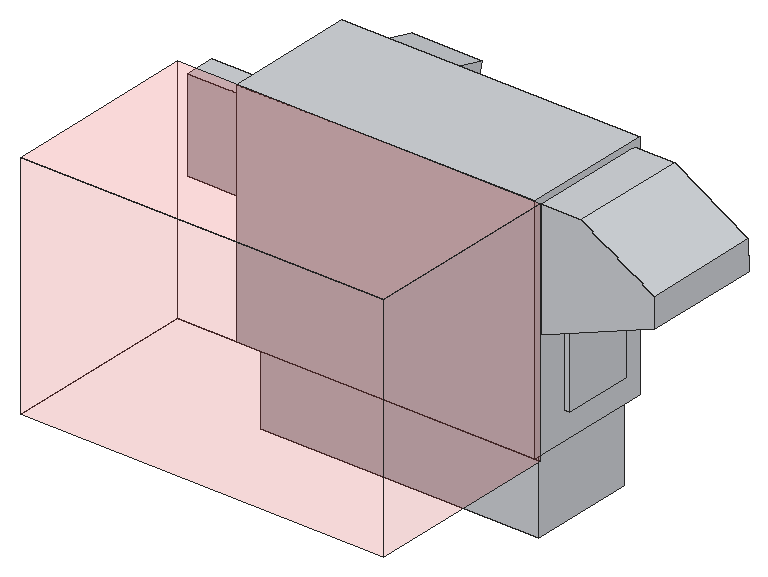
Revit family
Parameters (values of type "230 V Three Phase")
  Weight Scheduled [instance] = 250  # constant formula
  Voltage Workaround = Voltage / 1 V  # 230
  Voltage Scheduled = Voltage  # 230 V
  Voltage = 230 V
  VoltAmps Workaround [instance] = Voltage Workaround * Total FLA * sqrt(Phase)  # 1832.5098
  VoltAmps [instance] = VoltAmps Workaround * 1 VA  # 1832.51 VA
  URL = "http://www.renewaire.com/_assets/files/SubmittalForms/HE1XRTSubmittal.pdf"
  Total FLA [instance] = if(or(Supply Motor BHP = 0, Exhaust Motor FLA = 0), 0, (Supply Motor FLA * Supply Motor Count) + (Exhaust Motor FLA * Exhaust Motor Count))  # 4.6
  Supply Motor RPM Scheduled [instance] = 0
  Supply Motor HP Scheduled [instance] = Supply Motor HP  # 0.75
  Supply Motor HP [instance] = 0.75  # constant formula
  Supply Motor FLA [instance] = if(Supply Motor BHP = 0, 0, if(and(Voltage = 115 V, Phase = 1), 9, if(and(or(Voltage = 208 V, Voltage = 230 V), Phase = 1), 4.5, if(and(Voltage = 277 V, Phase = 1), 3.9, if(and(or(Voltage = 208 V, Voltage = 230 V), Phase = 3), 2.3, if(and(Voltage = 460 V, Phase = 3), 1.15, 0))))))  # 2.3
  Supply Motor Count Scheduled [instance] = Supply Motor Count  # 1
  Supply Motor Count [instance] = 1  # constant formula
  Supply Motor BHP [instance] = if(and(or(Supply ESP = 0, Supply ESP > 0), Supply ESP < 0.5), if(and(Supply Motor HP = 0.75, Phase = 1), if(Supply CFM < 950 CFM, 2.185, 0), if(and(Supply Motor HP = 0.75, Phase = 3), if(Supply CFM < 950 CFM, 1.917, 0), 0)), if(and(or(Supply ESP = 0.5, Supply ESP > 0.5), Supply ESP < 1), if(and(Supply Motor HP = 0.75, Phase = 1), if(Supply CFM < 820 CFM, 1.978, 0), if(and(Supply Motor HP = 0.75, Phase = 3), if(Supply CFM < 820 CFM, 1.682, 0), 0)), if(and(or(Supply ESP = 1, Supply ESP > 1), Supply ESP < 1.25), if(and(Supply Motor HP = 0.75, Phase = 1), if(Supply CFM < 730 CFM, 1.857, 0), if(and(Supply Motor HP = 0.75, Phase = 3), if(Supply CFM < 730 CFM, 1.548, 0), 0)), if(and(or(Supply ESP = 1.25, Supply ESP > 1.25), Supply ESP < 1.45), if(and(Supply Motor HP = 0.75, Phase = 1), if(Supply CFM < 650 CFM, 1.743, 0), if(and(Supply Motor HP = 0.75, Phase = 3), if(Supply CFM < 650 CFM, 1.421, 0), 0)), if(and(or(Supply ESP = 1.45, Supply ESP > 1.45), Supply ESP < 1.75), if(and(Supply Motor HP = 0.75, Phase = 1), if(Supply CFM < 560 CFM, 1.636, 0), if(and(Supply Motor HP = 0.75, Phase = 3), if(Supply CFM < 560 CFM, 1.28, 0), 0)), if(Supply ESP = 1.75, if(and(Supply Motor HP = 0.75, Phase = 1), if(Supply CFM < 250 CFM, 1.448, 0), if(and(Supply Motor HP = 0.75, Phase = 3), if(Supply CFM < 250 CFM, 0.918, 0), 0)), 0))))))  # 1.917
  Supply ESP Scheduled [instance] = Supply ESP  # 0
  Supply ESP [instance] = 0
  Supply CFM Scheduled [instance] = Supply CFM  # 0 CFM
  Supply CFM [instance] = 0 CFM
  Supply Air Winter RH Scheduled [instance] = 0
  Supply Air Winter DB Scheduled [instance] = 0
  Supply Air Summer RH Scheduled [instance] = 0
  Supply Air Summer DB Scheduled [instance] = 0
  Phase Scheduled = Phase  # 3
  Phase = 3
  Outside Air Winter RH Scheduled [instance] = 0
  Outside Air Winter DB Scheduled [instance] = 0
  Outside Air Summer RH Scheduled [instance] = 0
  Outside Air Summer DB Scheduled [instance] = 0
  Number of Poles = 3
  Model = "HE1XRTH"
  Manufacturer = "RenewAire"
  MOCP Scheduled [instance] = MOCP  # 15
  MOCP [instance] = if(Total FLA = 0, 0, if(and(Voltage = 115 V, Phase = 1), 25, if(and(or(Voltage = 208 V, Voltage = 230 V), Phase = 1), 15, if(and(Voltage = 277 V, Phase = 1), 15, if(and(or(Voltage = 208 V, Voltage = 230 V), Phase = 3), 15, if(and(Voltage = 460 V, Phase = 3), 15, 0))))))  # 15
  MCA Scheduled [instance] = MCA  # 5.2
  MCA [instance] = if(Total FLA = 0, 0, if(and(Voltage = 115 V, Phase = 1), 20.3, if(and(or(Voltage = 208 V, Voltage = 230 V), Phase = 1), 10.1, if(and(Voltage = 277 V, Phase = 1), 8.8, if(and(or(Voltage = 208 V, Voltage = 230 V), Phase = 3), 5.2, if(and(Voltage = 460 V, Phase = 3), 2.6, 0))))))  # 5.2
  FLA Scheduled [instance] = Total FLA  # 4.6
  Exhaust RH Scheduled [instance] = 0
  Exhaust Motor RPM Scheduled [instance] = 0
  Exhaust Motor HP Scheduled [instance] = Exhaust Motor HP  # 0.75
  Exhaust Motor HP [instance] = 0.75  # constant formula
  Exhaust Motor FLA [instance] = if(Exhaust Motor BHP = 0, 0, if(and(Voltage = 115 V, Phase = 1), 9, if(and(or(Voltage = 208 V, Voltage = 230 V), Phase = 1), 4.5, if(and(Voltage = 277 V, Phase = 1), 3.9, if(and(or(Voltage = 208 V, Voltage = 230 V), Phase = 3), 2.3, if(and(Voltage = 460 V, Phase = 3), 1.15, 0))))))  # 2.3
  Exhaust Motor Count Scheduled [instance] = Exhaust Motor Count  # 1
  Exhaust Motor Count [instance] = 1  # constant formula
  Exhaust Motor BHP [instance] = if(and(or(Exhaust ESP = 0, Exhaust ESP > 0), Exhaust ESP < 0.5), if(and(Exhaust Motor HP = 0.75, Phase = 1), if(Exhaust CFM < 950 CFM, 2.185, 0), if(and(Exhaust Motor HP = 0.75, Phase = 3), if(Exhaust CFM < 950 CFM, 1.917, 0), 0)), if(and(or(Exhaust ESP = 0.5, Exhaust ESP > 0.5), Exhaust ESP < 1), if(and(Exhaust Motor HP = 0.75, Phase = 1), if(Exhaust CFM < 820 CFM, 1.978, 0), if(and(Exhaust Motor HP = 0.75, Phase = 3), if(Exhaust CFM < 820 CFM, 1.682, 0), 0)), if(and(or(Exhaust ESP = 1, Exhaust ESP > 1), Exhaust ESP < 1.25), if(and(Exhaust Motor HP = 0.75, Phase = 1), if(Exhaust CFM < 730 CFM, 1.857, 0), if(and(Exhaust Motor HP = 0.75, Phase = 3), if(Exhaust CFM < 730 CFM, 1.548, 0), 0)), if(and(or(Exhaust ESP = 1.25, Exhaust ESP > 1.25), Exhaust ESP < 1.45), if(and(Exhaust Motor HP = 0.75, Phase = 1), if(Exhaust CFM < 650 CFM, 1.743, 0), if(and(Exhaust Motor HP = 0.75, Phase = 3), if(Exhaust CFM < 650 CFM, 1.421, 0), 0)), if(and(or(Exhaust ESP = 1.45, Exhaust ESP > 1.45), Exhaust ESP < 1.75), if(and(Exhaust Motor HP = 0.75, Phase = 1), if(Exhaust CFM < 560 CFM, 1.636, 0), if(and(Exhaust Motor HP = 0.75, Phase = 3), if(Exhaust CFM < 560 CFM, 1.28, 0), 0)), if(Exhaust ESP = 1.75, if(and(Exhaust Motor HP = 0.75, Phase = 1), if(Exhaust CFM < 250 CFM, 1.448, 0), if(and(Exhaust Motor HP = 0.75, Phase = 3), if(Exhaust CFM < 250 CFM, 0.918, 0), 0)), 0))))))  # 1.917
  Exhaust ESP Scheduled [instance] = Exhaust ESP  # 0
  Exhaust ESP [instance] = 0
  Exhaust DB Scheduled [instance] = 0
  Exhaust CFM Scheduled [instance] = Exhaust CFM  # 0 CFM
  Exhaust CFM [instance] = 0 CFM
  Enthalpy Effect Winter Scheduled [instance] = 0
  Enthalpy Effect Summer Scheduled [instance] = 0
Types (8): name | Voltage Workaround | Voltage Scheduled | Voltage | VoltAmps Workaround | VoltAmps | Total FLA | Supply Motor FLA | Supply Motor BHP | Phase Scheduled | Phase | Number of Poles | MOCP Scheduled | MOCP | MCA Scheduled | MCA | FLA Scheduled | Exhaust Motor FLA | Exhaust Motor BHP
  (no name) | 230 | 230 V | 230 V | 1832.5098 | 1832.51 VA | 4.6 | 2.3 | 1.917 | 3 | 3 | 3 | 15 | 15 | 5.2 | 5.2 | 4.6 | 2.3 | 1.917
  115 V Single Phase | 115 | 115 V | 115 V | 2070 | 2070 VA | 18 | 9 | 2.185 | 1 | 1 | 1 | 25 | 25 | 20.3 | 20.3 | 18 | 9 | 2.185
  208 V Single Phase | 208 | 208 V | 208 V | 1872 | 1872 VA | 9 | 4.5 | 2.185 | 1 | 1 | 2 | 15 | 15 | 10.1 | 10.1 | 9 | 4.5 | 2.185
  230 V Single Phase | 230 | 230 V | 230 V | 2070 | 2070 VA | 9 | 4.5 | 2.185 | 1 | 1 | 2 | 15 | 15 | 10.1 | 10.1 | 9 | 4.5 | 2.185
  277 V Single Phase | 277 | 277 V | 277 V | 2160.6 | 2160.6 VA | 7.8 | 3.9 | 2.185 | 1 | 1 | 1 | 15 | 15 | 8.8 | 8.8 | 7.8 | 3.9 | 2.185
  208 V Three Phase | 208 | 208 V | 208 V | 1657.2262 | 1657.23 VA | 4.6 | 2.3 | 1.917 | 3 | 3 | 3 | 15 | 15 | 5.2 | 5.2 | 4.6 | 2.3 | 1.917
  230 V Three Phase | 230 | 230 V | 230 V | 1832.5098 | 1832.51 VA | 4.6 | 2.3 | 1.917 | 3 | 3 | 3 | 15 | 15 | 5.2 | 5.2 | 4.6 | 2.3 | 1.917
  460 V Three Phase | 460 | 460 V | 460 V | 1832.5098 | 1832.51 VA | 2.3 | 1.15 | 1.917 | 3 | 3 | 3 | 15 | 15 | 2.6 | 2.6 | 2.3 | 1.15 | 1.917
Reference planes (in)
  plane 1 "Center (Front/Back)": y = 0
  plane 2: z = 0
  plane 3 "Center (Left/Right)": x = 0
Forms (in)
  Extrusion 1, solid
    sketch origin (0, 0, 0) x (1, 0, 0) y (0, 1, 0)
      loop
        line (-25.5, 11.25) -> (-25.5, -11.25) -> (25.5, -11.25) -> (25.5, 11.25) -> (-25.5, 11.25)
    from 14 to 53.5
  Extrusion 2, solid
    sketch origin (0, 0, 14) x (1, 0, 0) y (0, 0, 1)
      loop
        line (25.5, 18.5) -> (45, 26.20577) -> (45, 31.20577) -> (32.36603, 38.5) -> (25.5, 38.5) -> (25.5, 18.5)
    from 10 to -10
  Extrusion 3, solid
    sketch origin (0, 0, 14) x (0, 1, 0) y (0, 0, 1)
      loop
        line (11.25, 37.64353) -> (11.25, 28.32605) -> (17.92063, 26.53866) -> (20.25, 35.23199) -> (11.25, 37.64353)
    from -8.75 to -20.75
  Extrusion 4, solid
    sketch origin (0, 0, 0) x (1, 0, 0) y (0, 1, 0)
      loop
        line (-35.625, -11.25) -> (-35.625, -44.875) -> (26.5, -44.875) -> (26.5, -11.25) -> (-35.625, -11.25)
    from 14 to 53.5
  Extrusion 5, solid
    sketch origin (0, 0, 0) x (1, 0, 0) y (0, 1, 0)
      loop
        line (-23.75, 10) -> (-23.75, -8.25) -> (23.75, -8.25) -> (23.75, 10) -> (-23.75, 10)
    from 0 to 14
  Extrusion 6, solid
    sketch origin (-25.5, 6.20536, 0) x (0, 1, 0) y (0, 0, -1)
      loop
        line (2.16964, -30.875) -> (2.16964, -18.875) -> (-9.83036, -18.875) -> (-9.83036, -30.875) -> (2.16964, -30.875)
    from 0 to 1
  Extrusion 7, solid
    sketch origin (25.5, 7.07961, 0) x (0, -1, 0) y (0, 0, -1)
      loop
        line (12.20461, -30.875) -> (12.20461, -18.875) -> (0.20461, -18.875) -> (0.20461, -30.875) -> (12.20461, -30.875)
    from 0 to 1
  Extrusion 8, solid
    sketch origin (-25.5, 6.20536, 14) x (0, 1, 0) y (0, 0, -1)
      loop
        line (-15.20536, -36.64353) -> (-10.20536, -36.64353) -> (-10.20536, -20.89353) -> (-15.20536, -20.89353) -> (-15.20536, -36.64353)
    from 10.125 to 0
Cuts and joins
  joined: Extrusion 1, Extrusion 2, Extrusion 3, Extrusion 5, Extrusion 6, Extrusion 7
Dimensions and locks (in)
  equal spacing: Extrusion 1 sketch curve, plane 1 "Center (Front/Back)", Extrusion 1 sketch curve
  equal spacing: Extrusion 1 sketch curve, plane 3 "Center (Left/Right)", Extrusion 1 sketch curve
  Extrusion 1 sketch curve to plane 3 "Center (Left/Right)" = 2' - 1 1/2"
  plane 1 "Center (Front/Back)" to Extrusion 1 sketch curve = 0' - 11 1/4"
  cut or joined group of Extrusion 1, Extrusion 2, Extrusion 3, Extrusion 5, Extrusion 6, Extrusion 7 to Extrusion 4 sketch curve = 4' - 8 1/8"
  plane 3 "Center (Left/Right)" to Extrusion 5 sketch curve = 1' - 11 3/4"
  Extrusion 5 sketch curve to plane 1 "Center (Front/Back)" to Extrusion 5 sketch curve = 0' - 8 1/4", 0' - 10"
  plane 1 "Center (Front/Back)" to Extrusion 5 sketch curve = 0' - 10"
  Extrusion 4 sketch curve to Extrusion 4 sketch curve = 5' - 2 1/8"
Connectors (in)
  hvac at (-26.5, 2.375, 24.875), driven by "Supply CFM"
    settings: on Extrusion 6, index 3, duct flow 0 CFM, flow factor 0, pres drop 0.00 in-wg, loss coef 0, conn angle 0.00°, conn width 12", conn height 12", conn radius 12", duct sys type 1, conn prof type 1, flow config 0, flow direction 2, loss method 0, conn ref index -1, conn util no, is conn primary yes, conn desc ""
  hvac at (26.5, 0.875, 24.875), driven by "Exhaust CFM"
    settings: on Extrusion 7, index 4, duct flow 0 CFM, flow factor 0, pres drop 0.00 in-wg, loss coef 0, conn angle 0.00°, conn width 12", conn height 12", conn radius 12", duct sys type 3, conn prof type 1, flow config 0, flow direction 1, loss method 0, conn ref index -1, conn util no, is conn primary no, conn desc ""
  electrical at (-35.625, -6.5, 42.76853), driven by "VoltAmps", driven by "Voltage Scheduled", driven by "Number of Poles", driven by "VoltAmps"
    settings: on Extrusion 8, index 5, voltage 230 V, apparent load 1832.51 VA, apparent load phase1 1832.51 VA, apparent load phase2 0 VA, apparent load phase3 0 VA, power factor 1, load classification "Other", number of poles 3, system type 30, power factor state 1, is connector primary yes, connector utility no, sub classification motor no, connector description ""
